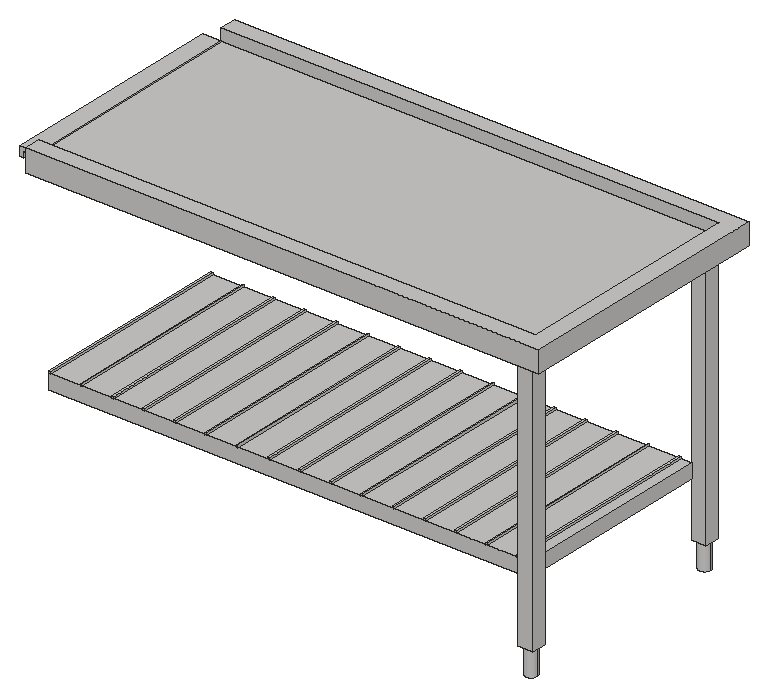
Revit family "QF_ELECTROLUXPROFESSIONAL_865360_BHPUTS14", category Attrezzature speciali, Revit 2020
Family settings
  Quota connettore circolare = Usa diametro
  Tipo di parte = Normale
  Basato su piano di lavoro = No
  Sempre verticale = Sì
  Taglio con vuoti quando caricato = No
  Condiviso = No
  Punto di calcolo locali = No
Parameters (values of type "Standard")
  Weight = 12.00 kg
  Watts = 0 W
  Volts = 0 V
  URL Manufacturer = "https://www.electroluxprofessional.com/"
  URL = "https://www.electroluxprofessional.com/"
  Steam Supply Size = 0 mm
  Steam Supply Minimum Pressure = 0.0 Pa
  Steam Supply Maximum Pressure = 0.0 Pa
  Steam Consumption per Hour = 0
  Refrigeration Suction Line Size = 0 mm
  Refrigeration Liquid Line Size = 0 mm
  Refrigerant Compressor Remote = yes
  Prospetto di default = 0 mm
  Produttore = "Electrolux Professional"
  Phase = 0
  Modello = "BHPUTS14"
  Length Actual = 1400 mm  # constant formula
  Item Number = "865360"
  Hot Water Size = 0 mm
  Height Actual = 843 mm  # constant formula
  HP = "0 HP"
  Gas Size = 0 mm
  Gas KW = 0
  Gas Input Pressure = 0 W
  Direct Waste Size = 0 mm
  Descrizione = "UNLOAD.TABLE+GRID UNDERSHELF 1400MM-POTW"
  Depth Actual = 712 mm  # constant formula
  Cycle = 0 Hz
  Condensate Return Size = 0 mm
  Compressed Air Volume = 0.0 L/s
  Compressed Air Size = 0 mm
  Compressed Air Pressure = 0.0 Pa
  Cold Water Size = 0 mm
  Accessory = yes
Reference planes
  plane 1 "Back": y = 0
  plane 2: z = 0
  plane 3 "Left": x = 0
Forms (mm)
  Extrusion 1, solid, material "QF_Finishes_Stainless Steel"
    sketch origin (0, 0, 669.604) x (1, 0, 0) y (0, 1, 0)
      loop
        line (0, 0) -> (0, -712) -> (1400, -712) -> (1400, 0) -> (0, 0)
    from 113.396 to 173.396
  Extrusion 2, void
    sketch origin (600, 2.646, -31.042) x (1, 0, 0) y (0, 1, 0)
      loop
        line (-600, -47.646) -> (-600, -669.646) -> (755, -669.646) -> (755, -47.646) -> (-600, -47.646)
    from 874.042 to 842.042
  Extrusion 3, solid, material "QF_Finishes_Stainless Steel"
    sketch origin (620, 4, 150) x (1, 0, 0) y (0, 1, 0)
      loop
        line (730, -45) -> (690, -45) -> (690, -85) -> (730, -85) -> (730, -45)
    from -80 to 633
  Extrusion 4, solid, material "QF_Finishes_Stainless Steel"
    sketch origin (620, -586, 129.575) x (1, 0, 0) y (0, 1, 0)
      loop
        line (730, -45) -> (690, -45) -> (690, -85) -> (730, -85) -> (730, -45)
    from -59.575 to 653.425
  Extrusion 5, solid, material "QF_Finishes_Stainless Steel"
    sketch origin (620, 4, 0) x (1, 0, 0) y (0, 1, 0)
      loop
        circle (710, -65) r 16
    from 0 to 70
  Extrusion 6, solid, material "QF_Finishes_Stainless Steel"
    sketch origin (620, -586, 0) x (1, 0, 0) y (0, 1, 0)
      loop
        circle (710, -65) r 16
    from 0 to 70
  Extrusion 7, solid, material "QF_Finishes_Stainless Steel"
    sketch origin (0, 0, -67) x (0, 1, 0) y (0, 0, 1)
      loop
        line (-81, 325) -> (-631, 325) -> (-631, 285) -> (-81, 285) -> (-81, 325)
    from 0 to 1310
  Extrusion 8, solid, material "QF_Finishes_Stainless Steel"
    sketch origin (-15, 0, 0) x (0, 1, 0) y (0, 0, 1)
      loop
        line (-81, 258) -> (-81, 263) -> (-631, 263) -> (-631, 258) -> (-81, 258)
    from 15 to 20
  Extrusion 9, solid, material "QF_Finishes_Stainless Steel"
    sketch origin (70, 0, 0) x (0, 1, 0) y (0, 0, 1)
      loop
        line (-81, 258) -> (-81, 263) -> (-631, 263) -> (-631, 258) -> (-81, 258)
    from 15 to 20
  Extrusion 10, solid, material "QF_Finishes_Stainless Steel"
    sketch origin (155, 0, 0) x (0, 1, 0) y (0, 0, 1)
      loop
        line (-81, 258) -> (-81, 263) -> (-631, 263) -> (-631, 258) -> (-81, 258)
    from 15 to 20
  Extrusion 11, solid, material "QF_Finishes_Stainless Steel"
    sketch origin (240, 0, 0) x (0, 1, 0) y (0, 0, 1)
      loop
        line (-81, 258) -> (-81, 263) -> (-631, 263) -> (-631, 258) -> (-81, 258)
    from 15 to 20
  Extrusion 12, solid, material "QF_Finishes_Stainless Steel"
    sketch origin (325, 0, 0) x (0, 1, 0) y (0, 0, 1)
      loop
        line (-81, 258) -> (-81, 263) -> (-631, 263) -> (-631, 258) -> (-81, 258)
    from 15 to 20
  Extrusion 13, solid, material "QF_Finishes_Stainless Steel"
    sketch origin (410, 0, 0) x (0, 1, 0) y (0, 0, 1)
      loop
        line (-81, 258) -> (-81, 263) -> (-631, 263) -> (-631, 258) -> (-81, 258)
    from 15 to 20
  Extrusion 14, solid, material "QF_Finishes_Stainless Steel"
    sketch origin (495, 0, 0) x (0, 1, 0) y (0, 0, 1)
      loop
        line (-81, 258) -> (-81, 263) -> (-631, 263) -> (-631, 258) -> (-81, 258)
    from 15 to 20
  Extrusion 15, solid, material "QF_Finishes_Stainless Steel"
    sketch origin (580, 0, 0) x (0, 1, 0) y (0, 0, 1)
      loop
        line (-81, 258) -> (-81, 263) -> (-631, 263) -> (-631, 258) -> (-81, 258)
    from 15 to 20
  Extrusion 16, solid, material "QF_Finishes_Stainless Steel"
    sketch origin (665, 0, 0) x (0, 1, 0) y (0, 0, 1)
      loop
        line (-81, 258) -> (-81, 263) -> (-631, 263) -> (-631, 258) -> (-81, 258)
    from 15 to 20
  Extrusion 17, solid, material "QF_Finishes_Stainless Steel"
    sketch origin (750, 0, 0) x (0, 1, 0) y (0, 0, 1)
      loop
        line (-81, 258) -> (-81, 263) -> (-631, 263) -> (-631, 258) -> (-81, 258)
    from 15 to 20
  Extrusion 18, solid, material "QF_Finishes_Stainless Steel"
    sketch origin (835, 0, 0) x (0, 1, 0) y (0, 0, 1)
      loop
        line (-81, 258) -> (-81, 263) -> (-631, 263) -> (-631, 258) -> (-81, 258)
    from 15 to 20
  Extrusion 19, solid, material "QF_Finishes_Stainless Steel"
    sketch origin (920, 0, 0) x (0, 1, 0) y (0, 0, 1)
      loop
        line (-81, 258) -> (-81, 263) -> (-631, 263) -> (-631, 258) -> (-81, 258)
    from 15 to 20
  Extrusion 20, solid, material "QF_Finishes_Stainless Steel"
    sketch origin (1005, 0, 0) x (0, 1, 0) y (0, 0, 1)
      loop
        line (-81, 258) -> (-81, 263) -> (-631, 263) -> (-631, 258) -> (-81, 258)
    from 15 to 20
  Extrusion 21, solid, material "QF_Finishes_Stainless Steel"
    sketch origin (1090, 0, 0) x (0, 1, 0) y (0, 0, 1)
      loop
        line (-81, 258) -> (-81, 263) -> (-631, 263) -> (-631, 258) -> (-81, 258)
    from 15 to 20
  Extrusion 22, solid, material "QF_Finishes_Stainless Steel"
    sketch origin (1175, 0, 0) x (0, 1, 0) y (0, 0, 1)
      loop
        line (-81, 258) -> (-81, 263) -> (-631, 263) -> (-631, 258) -> (-81, 258)
    from 15 to 20
  Extrusion 23, solid, material "QF_Finishes_Stainless Steel"
    sketch origin (1260, 0, 0) x (0, 1, 0) y (0, 0, 1)
      loop
        line (-81, 258) -> (-81, 263) -> (-631, 263) -> (-631, 258) -> (-81, 258)
    from 15 to 20
  Extrusion 24, solid, material "QF_Finishes_Stainless Steel"
    sketch origin (0, 0, 0) x (1, 0, 0) y (0, 0, 1)
      loop
        line (0, 811) -> (-50, 811) -> (-50, 786) -> (-40, 786) -> (-40, 801) -> (0, 801) -> (0, 811)
    from 45 to 667
Cuts and joins
  Extrusion 2 cuts Extrusion 1
Dimensions and locks
  Extrusion 1 to Extrusion 1 = 60 mm
  equal spacing: Extrusion 1, Extrusion 2 sketch curve, Extrusion 2 sketch curve, Extrusion 1
  equal spacing: Extrusion 1, Extrusion 2 sketch curve, Extrusion 1
  Extrusion 2 to Extrusion 2 = 32 mm
  Extrusion 2 to Extrusion 1 = 1400 mm
  Extrusion 1 to Extrusion 1 = 712 mm
  level to Extrusion 1 = 843 mm
  aligned and locked: level to plane 2
